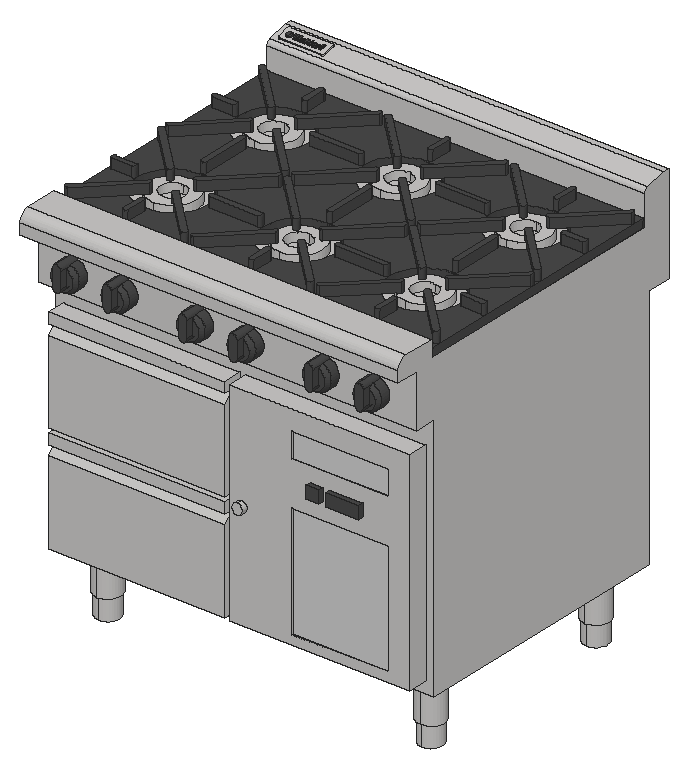
Revit family "QF_MOFFAT WALDORF_RNL8600G-RB", category Specialty Equipment, Revit 2012 (continued)
Automatic sketch dimensions
  curve 66 to curve 21 = 29.487 mm
  curve 73 to curve 27 = 29.708 mm
  curve 19 to curve 69 = 27.88 mm
  curve 28 to curve 75 = 27.88 mm
  curve 21 to curve 68 = 29.796 mm
  curve 30 to curve 74 = 29.796 mm
  curve 77 to plane 13 = 1.906 mm
  curve 71 to plane 13 = 1.906 mm
  plane 4 "RIGHT" to curve 69 = 8.983 mm
  plane 4 "RIGHT" to curve 75 = 8.983 mm
  plane 4 "RIGHT" to curve 68 = 7.067 mm
  plane 4 "RIGHT" to curve 74 = 7.067 mm
  plane 4 "RIGHT" to curve 71 = 4.536 mm
  plane 4 "RIGHT" to curve 77 = 4.536 mm
  curve 5 to plane 5 "FRONT" = 100.0 mm
  curve 52 to plane 5 "FRONT" = 121.703 mm
  curve 78 to plane 5 "FRONT" = 121.703 mm
  curve 65 to plane 5 "FRONT" = 121.703 mm
  curve 44 to curve 61 = 24.023 mm
  curve 47 to curve 61 = 0.0 mm
  curve 5 to curve 74 = 24.023 mm
  curve 5 to curve 46 = 25.084 mm
  curve 45 to curve 73 = 25.084 mm
  curve 60 to curve 73 = 0.0 mm
  curve 65 to curve 65 = 61.715 mm
  curve 78 to curve 28 = 61.715 mm
  curve 52 to curve 24 = 61.715 mm
  curve 27 to curve 29 = 27.082 mm
  curve 23 to curve 34 = 27.082 mm
  curve 25 to curve 31 = 27.082 mm
  curve 32 to curve 61 = 26.66 mm
  curve 33 to curve 47 = 26.66 mm
  curve 30 to curve 74 = 26.66 mm
  curve 29 to curve 73 = 27.721 mm
  curve 33 to curve 46 = 27.721 mm
  curve 31 to curve 60 = 27.721 mm
  curve 74 to curve 77 = 30.017 mm
  curve 46 to curve 51 = 28.957 mm
  curve 60 to curve 64 = 28.957 mm
  curve 60 to curve 26 = 29.279 mm
  curve 46 to curve 33 = 29.279 mm
  curve 73 to curve 28 = 29.279 mm
  curve 61 to curve 48 = 31.077 mm
  curve 28 to curve 75 = 27.778 mm
  curve 23 to curve 49 = 27.778 mm
  curve 25 to curve 62 = 27.778 mm
  curve 25 to curve 63 = 27.778 mm
  curve 23 to curve 50 = 27.778 mm
  curve 27 to curve 76 = 27.778 mm
  curve 24 to curve 42 = 4.009 mm
  curve 25 to curve 59 = 4.009 mm
  curve 27 to curve 72 = 4.009 mm
  plane 8 "Center X" to curve 75 = 5.915 mm
  plane 8 "Center X" to curve 76 = 9.451 mm
  plane 8 "Center X" to curve 50 = 9.451 mm
  curve 50 to curve 43 = 5.549 mm
  curve 76 to curve 70 = 11.098 mm
  curve 43 to curve 40 = 5.549 mm
  curve 57 to curve 70 = 0.0 mm
  curve 43 to curve 69 = 9.085 mm
  plane 8 "Center X" to curve 72 = 80.918 mm
  plane 8 "Center X" to curve 59 = 80.918 mm
  plane 8 "Center X" to curve 11 = 80.918 mm
  curve 11 to curve 14 = 27.082 mm
  curve 15 to curve 18 = 27.082 mm
  curve 19 to curve 21 = 27.082 mm
  curve 18 to curve 57 = 29.222 mm
  curve 22 to curve 69 = 29.222 mm
  curve 13 to curve 40 = 29.222 mm
  curve 17 to curve 56 = 29.222 mm
  curve 13 to curve 39 = 29.222 mm
  curve 21 to curve 70 = 29.222 mm
  curve 56 to curve 38 = 27.04 mm
  curve 70 to curve 21 = 27.778 mm
  curve 57 to curve 16 = 27.778 mm
  curve 40 to curve 11 = 27.778 mm
  curve 69 to curve 71 = 28.101 mm
  curve 57 to curve 58 = 28.101 mm
  curve 40 to curve 41 = 28.101 mm
  curve 53 to curve 17 = 27.721 mm
  curve 66 to curve 22 = 27.721 mm
  curve 35 to curve 14 = 27.721 mm
  curve 68 to curve 21 = 26.66 mm
  curve 55 to curve 17 = 26.66 mm
  curve 37 to curve 13 = 26.66 mm
  plane 1 "BACK" to curve 53 = 95.084 mm
  curve 53 to curve 66 = 0.0 mm
  plane 1 "BACK" to curve 35 = 95.084 mm
  plane 1 "BACK" to curve 68 = 94.023 mm
  plane 1 "BACK" to curve 55 = 94.023 mm
  curve 37 to curve 55 = 0.0 mm
  curve 15 to curve 54 = 62.576 mm
  curve 19 to curve 67 = 62.576 mm
  curve 11 to curve 36 = 62.577 mm
  curve 68 to curve 6 = 24.023 mm
  curve 36 to curve 8 = 38.782 mm
  plane 1 "BACK" to curve 9 = 21.784 mm
  Revolve 1 sketch curve to plane 5 "FRONT" = 56.0 mm
  Revolve 1 sketch curve to Revolve 1 sketch curve = 10.0 mm
  Revolve 1 sketch curve to Revolve 1 sketch curve = 21.3 mm
  Revolve 1 sketch curve to plane 5 "FRONT" = 23.0 mm
  Revolve 1 sketch curve to plane 5 "FRONT" = 12.0 mm
  Revolve 1 sketch curve to Revolve 1 sketch curve = 0.0 mm  (x2)
  plane 10 to Revolve 1 sketch curve = 117.895 mm
  Revolve 1 sketch curve to Revolve 1 sketch curve = 5.0 mm
  Revolve 1 sketch curve to Revolve 1 sketch curve = 26.651 mm
  Revolve 1 sketch curve to Revolve 1 sketch curve = 5.849 mm
  plane 12 to Extrusion 2 sketch curve = 135.0 mm
  Extrusion 2 sketch curve to Extrusion 2 sketch curve = 10.0 mm
  plane 10 to Extrusion 2 sketch curve = 129.997 mm
  Extrusion 2 sketch curve to Extrusion 2 sketch curve = 38.997 mm
  plane 1 "BACK" to Extrusion 3 sketch curve = 32.0 mm
  plane 13 to Extrusion 3 sketch curve = 65.0 mm
  Revolve 4 sketch curve to plane 5 "FRONT" = 12.0 mm
  Revolve 4 sketch curve to Revolve 4 sketch curve = 0.0 mm  (x2)
  Revolve 4 sketch curve to Revolve 4 sketch curve = 11.0 mm
  Revolve 4 sketch curve to Revolve 4 sketch curve = 12.7 mm
  Revolve 4 sketch curve to Revolve 4 sketch curve = 23.0 mm
  Revolve 4 sketch curve to Revolve 4 sketch curve = 10.0 mm
  plane 10 to Revolve 4 sketch curve = 85.627 mm
  Revolve 4 sketch curve to Revolve 4 sketch curve = 5.849 mm
  Revolve 4 sketch curve to Revolve 4 sketch curve = 27.5 mm
  Revolve 4 sketch curve to Revolve 4 sketch curve = 5.0 mm
  plane 12 to Extrusion 5 sketch curve = 35.0 mm
  Extrusion 5 sketch curve to Extrusion 5 sketch curve = 10.0 mm
  plane 10 to Extrusion 5 sketch curve = 91.0 mm
  Extrusion 5 sketch curve to Extrusion 5 sketch curve = 39.0 mm
  Extrusion 6 sketch curve to plane 7 "Center Y" = 0.0 mm  (x2)
  plane 4 "RIGHT" to Extrusion 6 sketch curve = 4.0 mm
  plane 1 "BACK" to Extrusion 6 sketch curve = 71.0 mm
  Extrusion 6 sketch curve to Extrusion 6 sketch curve = 3.0 mm  (x3)
  plane 8 "Center X" to Extrusion 6 sketch curve = 165.0 mm  (x3)
  Extrusion 6 sketch curve to plane 8 "Center X" = 135.0 mm  (x2)
  Extrusion 6 sketch curve to plane 5 "FRONT" = 104.0 mm  (x2)
  Extrusion 6 sketch curve to plane 11 = 84.2 mm  (x2)
  plane 13 to Extrusion 6 sketch curve = 85.0 mm  (x2)
  Extrusion 7 sketch curve to Extrusion 6 = 22.602 mm  (x6)
  Extrusion 7 sketch curve to Extrusion 6 = 25.398 mm  (x6)
  Extrusion 7 sketch curve to Extrusion 7 sketch curve = 4.525 mm  (x48)
  Extrusion 7 sketch curve to Extrusion 7 sketch curve = 49.204 mm  (x5)
  Extrusion 7 sketch curve to Extrusion 7 sketch curve = 55.923 mm  (x22)
  Extrusion 7 sketch curve to Extrusion 7 sketch curve = 0.0 mm  (x18)
  Extrusion 7 sketch curve to Extrusion 7 sketch curve = 20.524 mm  (x17)
  Extrusion 7 sketch curve to Extrusion 6 = 7.898 mm  (x4)
  Extrusion 7 sketch curve to Extrusion 7 sketch curve = 6.4 mm  (x17)
  Extrusion 7 sketch curve to Extrusion 7 sketch curve = 53.847 mm  (x24)
  Extrusion 7 sketch curve to Extrusion 6 = 5.102 mm  (x5)
  Extrusion 7 sketch curve to Extrusion 7 sketch curve = 128.447 mm  (x10)
  Extrusion 7 sketch curve to Extrusion 7 sketch curve = 12.205 mm  (x14)
  Extrusion 7 sketch curve to Extrusion 6 = 14.153 mm  (x3)
  Extrusion 7 sketch curve to Extrusion 7 sketch curve = 116.204 mm  (x7)
  Extrusion 7 sketch curve to Extrusion 6 = 31.653 mm  (x4)
  Extrusion 7 sketch curve to Extrusion 6 = 57.102 mm  (x2)
  Revolve 8 sketch curve to plane 5 "FRONT" = 56.0 mm
  Revolve 8 sketch curve to Revolve 8 sketch curve = 10.0 mm
  Revolve 8 sketch curve to Revolve 8 sketch curve = 21.3 mm
  Revolve 8 sketch curve to plane 5 "FRONT" = 23.0 mm
  Revolve 8 sketch curve to plane 5 "FRONT" = 12.0 mm
  Revolve 8 sketch curve to Revolve 8 sketch curve = 0.0 mm  (x2)
  plane 10 to Revolve 8 sketch curve = 117.895 mm
  Revolve 8 sketch curve to Revolve 8 sketch curve = 5.0 mm
  Revolve 8 sketch curve to Revolve 8 sketch curve = 26.651 mm
  Revolve 8 sketch curve to Revolve 8 sketch curve = 5.849 mm
  plane 7 "Center Y" to Extrusion 9 sketch curve = 50.0 mm
  Extrusion 9 sketch curve to Extrusion 9 sketch curve = 10.0 mm
  plane 10 to Extrusion 9 sketch curve = 129.997 mm
  Extrusion 9 sketch curve to Extrusion 9 sketch curve = 38.997 mm
  Revolve 10 sketch curve to plane 5 "FRONT" = 12.0 mm
  Revolve 10 sketch curve to Revolve 10 sketch curve = 0.0 mm  (x2)
  Revolve 10 sketch curve to Revolve 10 sketch curve = 11.0 mm
  Revolve 10 sketch curve to Revolve 10 sketch curve = 12.7 mm
  Revolve 10 sketch curve to Revolve 10 sketch curve = 23.0 mm
  Revolve 10 sketch curve to Revolve 10 sketch curve = 10.0 mm
  plane 10 to Revolve 10 sketch curve = 85.627 mm
  Revolve 10 sketch curve to Revolve 10 sketch curve = 5.849 mm
  Revolve 10 sketch curve to Revolve 10 sketch curve = 27.5 mm
  Revolve 10 sketch curve to Revolve 10 sketch curve = 5.0 mm
  Extrusion 11 sketch curve to plane 7 "Center Y" = 50.0 mm
  Extrusion 11 sketch curve to Extrusion 11 sketch curve = 10.0 mm
  plane 10 to Extrusion 11 sketch curve = 91.0 mm
  Extrusion 11 sketch curve to Extrusion 11 sketch curve = 39.0 mm
  Revolve 12 sketch curve to Revolve 12 sketch curve = 12.7 mm
  Revolve 12 sketch curve to Revolve 12 sketch curve = 21.3 mm
  Revolve 12 sketch curve to Revolve 12 sketch curve = 10.0 mm
  Revolve 12 sketch curve to Revolve 12 sketch curve = 0.0 mm  (x2)
  plane 10 to Revolve 12 sketch curve = 117.895 mm
  Revolve 12 sketch curve to Revolve 12 sketch curve = 5.0 mm
  Revolve 12 sketch curve to Revolve 12 sketch curve = 26.651 mm
  Revolve 12 sketch curve to Revolve 12 sketch curve = 5.849 mm
  plane 13 to Extrusion 13 sketch curve = 35.0 mm
  Extrusion 13 sketch curve to Extrusion 13 sketch curve = 10.0 mm
  plane 10 to Extrusion 13 sketch curve = 129.997 mm
  Extrusion 13 sketch curve to Extrusion 13 sketch curve = 38.997 mm
  Revolve 14 sketch curve to plane 5 "FRONT" = 12.0 mm
  Revolve 14 sketch curve to Revolve 14 sketch curve = 0.0 mm  (x2)
  Revolve 14 sketch curve to Revolve 14 sketch curve = 11.0 mm
  Revolve 14 sketch curve to Revolve 14 sketch curve = 12.7 mm
  Revolve 14 sketch curve to Revolve 14 sketch curve = 23.0 mm
  Revolve 14 sketch curve to Revolve 14 sketch curve = 10.0 mm
  plane 10 to Revolve 14 sketch curve = 85.627 mm
  Revolve 14 sketch curve to Revolve 14 sketch curve = 5.849 mm
  Revolve 14 sketch curve to Revolve 14 sketch curve = 27.5 mm
  Revolve 14 sketch curve to Revolve 14 sketch curve = 5.0 mm
  plane 15 to Extrusion 15 sketch curve = 83.5 mm
  Extrusion 15 sketch curve to Extrusion 15 sketch curve = 10.0 mm
  plane 10 to Extrusion 15 sketch curve = 91.0 mm
  Extrusion 15 sketch curve to Extrusion 15 sketch curve = 39.0 mm
  Revolve 16 sketch curve to plane 9 "Base Height" = 0.0 mm
  Revolve 16 sketch curve to level = 0.0 mm
  level to Revolve 16 sketch curve = 50.0 mm
  plane 1 "BACK" to Revolve 16 sketch curve = 166.75 mm
  Revolve 16 sketch curve to Revolve 16 sketch curve = 4.25 mm
  Revolve 16 sketch curve to Revolve 16 sketch curve = 27.5 mm  (x2)
  Revolve 16 sketch curve to Revolve 16 sketch curve = 55.0 mm
  Revolve 16 sketch curve to Revolve 16 sketch curve = 0.0 mm
  Revolve 17 sketch curve to plane 9 "Base Height" = 0.0 mm
  Revolve 17 sketch curve to level = 0.0 mm
  level to Revolve 17 sketch curve = 50.0 mm
  Revolve 17 sketch curve to plane 5 "FRONT" = 148.25 mm
  Revolve 17 sketch curve to Revolve 17 sketch curve = 4.25 mm
  Revolve 17 sketch curve to Revolve 17 sketch curve = 27.5 mm  (x2)
  Revolve 17 sketch curve to Revolve 17 sketch curve = 55.0 mm
  Revolve 17 sketch curve to Revolve 17 sketch curve = 0.0 mm
  Revolve 18 sketch curve to plane 9 "Base Height" = 0.0 mm
  Revolve 18 sketch curve to level = 0.0 mm
  level to Revolve 18 sketch curve = 50.0 mm
  plane 1 "BACK" to Revolve 18 sketch curve = 166.75 mm
  Revolve 18 sketch curve to Revolve 18 sketch curve = 4.25 mm
  Revolve 18 sketch curve to Revolve 18 sketch curve = 27.5 mm  (x2)
  Revolve 18 sketch curve to Revolve 18 sketch curve = 0.0 mm
  Revolve 18 sketch curve to Revolve 18 sketch curve = 55.0 mm
  Revolve 19 sketch curve to plane 9 "Base Height" = 0.0 mm
  Revolve 19 sketch curve to level = 0.0 mm
  level to Revolve 19 sketch curve = 50.0 mm
  Revolve 19 sketch curve to plane 5 "FRONT" = 148.25 mm
  Revolve 19 sketch curve to Revolve 19 sketch curve = 4.25 mm
  Revolve 19 sketch curve to Revolve 19 sketch curve = 27.5 mm  (x2)
  Revolve 19 sketch curve to Revolve 19 sketch curve = 0.0 mm
  Revolve 19 sketch curve to Revolve 19 sketch curve = 55.0 mm
  Extrusion 20 sketch curve to plane 5 "FRONT" = 0.0 mm
  plane 10 to Extrusion 20 sketch curve = 0.0 mm
  Extrusion 20 sketch curve to plane 9 "Base Height" = 0.0 mm
  Extrusion 20 sketch curve to plane 6 "TOP" = 0.0 mm
  Extrusion 20 sketch curve to plane 1 "BACK" = 0.0 mm
  Extrusion 20 sketch curve to plane 5 "FRONT" = 24.0 mm
  Extrusion 20 sketch curve to plane 5 "FRONT" = 56.0 mm
  Extrusion 20 sketch curve to Extrusion 20 sketch curve = 44.0 mm
  Extrusion 20 sketch curve to plane 5 "FRONT" = 106.0 mm
  plane 1 "BACK" to Extrusion 20 sketch curve = 70.0 mm
  plane 1 "BACK" to Extrusion 20 sketch curve = 59.0 mm
  Extrusion 20 sketch curve to Extrusion 20 sketch curve = 8.894 mm
  Extrusion 20 sketch curve to plane 10 = 31.055 mm
  Extrusion 20 sketch curve to Extrusion 20 sketch curve = 12.0 mm
  plane 1 "BACK" to Extrusion 20 sketch curve = 15.0 mm
  Extrusion 20 sketch curve to Extrusion 20 sketch curve = 151.0 mm
  plane 10 to Extrusion 20 sketch curve = 180.0 mm
  Extrusion 20 sketch curve to Extrusion 20 sketch curve = 25.0 mm
  plane 10 to Extrusion 20 sketch curve = 40.0 mm
  plane 15 to curve 125 = 89.803 mm
  curve 125 to curve 126 = 20.0 mm
  curve 123 to curve 121 = 30.0 mm
  plane 15 to curve 122 = 19.803 mm
  curve 117 to plane 15 = 10.197 mm
  curve 117 to curve 115 = 20.0 mm
  curve 115 to curve 113 = 30.0 mm
  curve 113 to curve 114 = 20.0 mm
  curve 111 to curve 109 = 30.0 mm
  curve 109 to curve 110 = 20.0 mm
  plane 7 "Center Y" to curve 104 = 6.303 mm
  curve 103 to plane 7 "Center Y" = 13.697 mm
  curve 103 to curve 101 = 31.984 mm
  curve 101 to curve 102 = 20.0 mm
  curve 99 to curve 98 = 30.0 mm
  curve 97 to curve 98 = 20.0 mm
  curve 95 to curve 94 = 25.0 mm
  curve 93 to curve 94 = 20.0 mm
  curve 91 to curve 90 = 27.331 mm
  curve 89 to curve 90 = 20.0 mm
  curve 87 to curve 86 = 25.0 mm
  curve 85 to curve 86 = 20.0 mm
  curve 83 to curve 82 = 30.0 mm
  curve 79 to curve 81 = 20.0 mm
  plane 1 "BACK" to curve 79 = 50.635 mm
  plane 1 "BACK" to curve 125 = 50.635 mm
  curve 122 to curve 123 = 0.0 mm
  curve 79 to curve 83 = 0.0 mm
  curve 118 to curve 119 = 0.0 mm
  curve 85 to curve 87 = 0.0 mm
  curve 88 to curve 91 = 0.0 mm
  curve 113 to curve 115 = 0.0 mm
  curve 110 to curve 111 = 0.0 mm
  curve 92 to curve 95 = 0.0 mm
  curve 106 to curve 107 = 0.0 mm
  curve 96 to curve 99 = 0.0 mm
  plane 1 "BACK" to curve 102 = 20.837 mm
  plane 1 "BACK" to curve 103 = 20.837 mm
  plane 1 "BACK" to curve 98 = 20.837 mm
  plane 1 "BACK" to curve 107 = 20.837 mm
  plane 1 "BACK" to curve 94 = 20.837 mm
  plane 1 "BACK" to curve 111 = 20.837 mm
  plane 1 "BACK" to curve 90 = 20.837 mm
  plane 1 "BACK" to curve 115 = 20.837 mm
  plane 1 "BACK" to curve 119 = 20.837 mm
  plane 1 "BACK" to curve 85 = 20.837 mm
  plane 1 "BACK" to curve 82 = 20.837 mm
  plane 1 "BACK" to curve 123 = 20.837 mm
  Extrusion 20 to Extrusion 21 sketch curve = 59.5 mm
  Extrusion 20 to Extrusion 21 sketch curve = 107.0 mm
  Extrusion 21 sketch curve to Extrusion 21 sketch curve = 60.0 mm
  Extrusion 21 sketch curve to Extrusion 21 sketch curve = 104.0 mm
  Extrusion 20 to Extrusion 21 sketch curve = 49.0 mm
  Extrusion 20 to Extrusion 21 sketch curve = 26.5 mm
  Extrusion 20 to Extrusion 21 sketch curve = 447.0 mm
  Extrusion 21 sketch curve to Extrusion 21 sketch curve = 148.0 mm
  Extrusion 21 sketch curve to Extrusion 21 sketch curve = 0.0 mm
  Extrusion 20 to Extrusion 21 sketch curve = 69.0 mm  (x2)
  Extrusion 20 to Extrusion 21 sketch curve = 19.0 mm
  Extrusion 22 sketch curve to Extrusion 21 = 34.46 mm  (x2)
  Extrusion 22 sketch curve to Extrusion 22 sketch curve = 30.0 mm  (x2)
  Extrusion 22 sketch curve to Extrusion 22 sketch curve = 0.0 mm
  Extrusion 21 to Extrusion 22 sketch curve = 43.926 mm
  Extrusion 22 sketch curve to Extrusion 22 sketch curve = 17.577 mm
  Extrusion 21 to Extrusion 22 sketch curve = 60.185 mm
  Extrusion 21 to Extrusion 23 sketch curve = 39.229 mm
  Extrusion 23 sketch curve to Extrusion 21 = 27.856 mm
  Extrusion 24 sketch curve to Extrusion 21 = 0.0 mm  (x6)
  Extrusion 21 to Extrusion 24 sketch curve = 0.0 mm  (x2)
  Extrusion 20 to Extrusion 25 sketch curve = 252.0 mm
  Extrusion 20 to Extrusion 25 sketch curve = 283.5 mm
  Extrusion 20 to Split face 1 sketch curve = 5.571 mm
  Split face 1 sketch curve to Extrusion 20 = 9.421 mm
  Split face 1 sketch curve to Extrusion 20 = 146.988 mm
  Split face 1 sketch curve to Split face 1 sketch curve = 20.0 mm
  Extrusion 20 to Split face 2 sketch curve = 5.571 mm
  Split face 2 sketch curve to Extrusion 20 = 9.421 mm
  Split face 2 sketch curve to Extrusion 20 = 196.988 mm
  Split face 2 sketch curve to Split face 2 sketch curve = 20.0 mm
  Extrusion 20 to Split face 3 sketch curve = 5.571 mm
  Split face 3 sketch curve to Extrusion 20 = 9.421 mm
  Split face 3 sketch curve to Extrusion 20 = 241.988 mm
  Split face 3 sketch curve to Split face 3 sketch curve = 20.0 mm
  Extrusion 20 to Split face 4 sketch curve = 5.571 mm
  Split face 4 sketch curve to Extrusion 20 = 9.421 mm
  Split face 4 sketch curve to Extrusion 20 = 289.2 mm
  Split face 4 sketch curve to Split face 4 sketch curve = 20.0 mm
  Extrusion 20 to Split face 5 sketch curve = 5.571 mm
  Split face 5 sketch curve to Extrusion 20 = 9.421 mm
  Split face 5 sketch curve to Extrusion 20 = 334.2 mm
  Split face 5 sketch curve to Split face 5 sketch curve = 20.0 mm
  Extrusion 20 to Split face 6 sketch curve = 5.571 mm
  Split face 6 sketch curve to Extrusion 20 = 9.421 mm
  Split face 6 sketch curve to Extrusion 20 = 384.2 mm
  Split face 6 sketch curve to Split face 6 sketch curve = 20.0 mm
  Extrusion 20 to Split face 7 sketch curve = 5.571 mm
  Split face 7 sketch curve to Extrusion 20 = 9.421 mm
  Split face 7 sketch curve to Extrusion 20 = 435.901 mm
  Split face 7 sketch curve to Split face 7 sketch curve = 20.0 mm
  Extrusion 20 to Split face 8 sketch curve = 5.571 mm
  Split face 8 sketch curve to Extrusion 20 = 9.421 mm
  Split face 8 sketch curve to Extrusion 20 = 414.099 mm
  Split face 8 sketch curve to Split face 8 sketch curve = 20.0 mm
  Extrusion 20 to Split face 9 sketch curve = 5.571 mm
  Split face 9 sketch curve to Extrusion 20 = 9.421 mm
  Split face 9 sketch curve to Extrusion 20 = 364.099 mm
  Split face 9 sketch curve to Split face 9 sketch curve = 20.0 mm
  Extrusion 20 to Split face 10 sketch curve = 5.571 mm
  Split face 10 sketch curve to Extrusion 20 = 9.421 mm
  Split face 10 sketch curve to Extrusion 20 = 314.099 mm
  Split face 10 sketch curve to Split face 10 sketch curve = 20.0 mm
  Extrusion 20 to Split face 11 sketch curve = 5.571 mm
  Split face 11 sketch curve to Extrusion 20 = 9.421 mm
  Split face 11 sketch curve to Extrusion 20 = 264.099 mm
  Split face 11 sketch curve to Split face 11 sketch curve = 20.0 mm
  Extrusion 20 to Split face 12 sketch curve = 5.571 mm
  Split face 12 sketch curve to Extrusion 20 = 9.421 mm
  Split face 12 sketch curve to Extrusion 20 = 212.954 mm
  Split face 12 sketch curve to Split face 12 sketch curve = 20.0 mm
  plane 16 to Extrusion 6 sketch curve = 87.5 mm
  Extrusion 26 sketch curve to Extrusion 26 sketch curve = 0.0 mm  (x73)
  Extrusion 20 to Extrusion 26 sketch curve = 110.5 mm  (x3)
  Extrusion 26 sketch curve to Extrusion 26 sketch curve = 27.0 mm  (x6)
  Extrusion 26 sketch curve to Extrusion 26 sketch curve = 30.0 mm  (x6)
  Extrusion 26 sketch curve to Extrusion 26 sketch curve = 186.0 mm  (x3)
  Extrusion 20 to Extrusion 26 sketch curve = 150.0 mm  (x4)
  Extrusion 26 sketch curve to Extrusion 26 sketch curve = 300.0 mm
  curve 11 to curve 128 = 0.402 mm
  curve 13 to curve 127 = 27.0 mm
  curve 11 to curve 128 = 0.0 mm
  curve 15 to curve 129 = 0.0 mm  (x2)
  curve 17 to curve 129 = 27.0 mm
  curve 19 to curve 131 = 0.221 mm
  curve 21 to curve 131 = 27.0 mm
  curve 19 to curve 131 = 0.0 mm
  curve 27 to curve 133 = 0.0 mm  (x2)
  curve 29 to curve 134 = 27.0 mm
  curve 25 to curve 135 = 0.0 mm  (x2)
  curve 31 to curve 135 = 27.0 mm
  curve 137 to curve 138 = 0.0 mm  (x2)
  curve 33 to curve 138 = 0.083 mm
  curve 33 to curve 137 = 27.0 mm
  curve 23 to curve 138 = 0.0 mm
  radius of Extrusion 3 sketch curve = 13.5 mm
  radius of Extrusion 6 sketch curve = 84.082 mm  (x6)
  radius of Extrusion 23 sketch curve = 12.395 mm
  radius of Extrusion 25 sketch curve = 5.0 mm
Nested families
  nested 1: "RNL8600G-RB-CASTERS" at (65, -135, 0), Show Casters <- "Show Casters", visible <- "Show Casters", type "RNL8600G-RB-CASTERS"
    with Type Mark "", Status "", Specification by User "", Show Casters no, Revision Code "", Item Number "", Installed By "", Identify Quantity as Lot yes, Furnished By "", Foodservice Equipment Identifier yes
  nested 2: "RNL8600G-RB-CASTERS" at (835, -135, 0), Show Casters <- "Show Casters", visible <- "Show Casters", type "RNL8600G-RB-CASTERS"
    with Type Mark "", Status "", Specification by User "", Show Casters no, Revision Code "", Item Number "", Installed By "", Identify Quantity as Lot yes, Furnished By "", Foodservice Equipment Identifier yes
  nested 3: "RNL8600G-RB-DOOR AND DRAWER" at (19, -699, 176.5), Show Door <- "Show Door", Show Drawer <- "Drawer", Drawer Clearance <- "Drawer Clearance", Door Clearance <- "Door Clearance", type "RNL8600G-RB-DOOR AND DRAWER"
    with Type Mark "", Status "", Specification by User "", Show Drawer yes, Show Door no, Revision Code "", Item Number "", Installed By "", Identify Quantity as Lot yes, Furnished By "", Foodservice Equipment Identifier yes, Drawer Clearance yes, Door Clearance no
  nested 4: "WALDORF LOGO_FACE BASE" at (12.35, -21.166, 968.348) x (1, 0, 0) z (0, -0.2588, 0.9659), visible <- "Show Logo", type "WALDORF LOGO_FACE BASE", detail levels medium+fine
    with Show Logo yes
Connectors
  piping at (770, -32, 655)
    settings: on Extrusion 3, index 3, connector radius 0.37402", flow factor 0, pipe flow 0 GPM, pressure drop 0.00 psi, fitting loss kfactor 0, connector angle 0.00°, fixture units 0, engagement length 0.0 mm, flow configuration 1, flow direction 1, fitting loss method 0, system type 7, joint type 0, gender type 0, connector reference index -1, connector utility 0, adjustable connector no, is connector primary yes, fitting loss table "", connector description "GAS CONNECTION"
  electrical at (616.5, -57.1, 402), driven by "Volts", driven by "Watts"
    settings: on Extrusion 25, index 4, voltage 240 V, apparent load 250 VA, apparent load phase1 0 VA, apparent load phase2 0 VA, apparent load phase3 0 VA, power factor 1, load classification "Other", number of poles 1, system type 30, power factor state 1, is connector primary yes, connector utility no, sub classification motor no, connector description "ELECTRICAL CONNECTION"
Definition of nested family "RNL8600G-RB-DOOR AND DRAWER"
  Parameters (values of type "GP8900G-RB-DOOR AND DRAWER")
    Weight in Pounds = 0
    URL Cutsheet = ""
    URL = ""
    Type Mark [instance] = ""
    Status [instance] = ""
    Specification by User [instance] = ""
    Specification by Manufacturer = ""
    Show Door [instance] = yes
    Serial Number = ""
    Seismic Rating = ""
    SMACNA No = ""
    Revision Code [instance] = ""
    Omniclass Number and Title = ""
    NAFEM Spec ID Number = ""
    Model = ""
    Masterspec = ""
    Manufacturer = ""
    Item Number [instance] = ""
    Installed By [instance] = ""
    Identify Quantity as Lot [instance] = yes
    Furnished By [instance] = ""
    Foodservice Equipment Identifier [instance] = yes
    Show Drawer [instance] = yes
    Drawer Clearance [instance] = yes
    Door Clearance [instance] = yes
    Description = ""
    CSI MasterFormat = ""
    CSI Master Format = ""
  Reference planes
    plane 1 "BACK": y = 0
    plane 2: z = 0
    plane 3 "LEFT": x = 0
    plane 4 "RIGHT": x = 420
    plane 5 "FRONT": y = -464.82
    plane 6 "TOP": z = 504
    plane 7 "Center Y": x = 210
    plane 8 "Center X": y = -232.41
    plane 9: x = 420
  Forms (mm)
    Extrusion 1, solid, material "QF_Finishes_Stainless Steel", visible <- "Show Drawer"
      sketch origin (-19, 702.18, -174) x (0, 1, 0) y (0, 0, 1)
        loop
          line (-747, 678) -> (-747, 653) -> (-722, 653) -> (-747, 628) -> (-747, 431) -> (-702.18, 431) -> (-702.18, 678) -> (-747, 678)
        loop
          line (-747, 421) -> (-747, 396) -> (-722, 396) -> (-747, 371) -> (-747, 174) -> (-702.18, 174) -> (-702.18, 421) -> (-747, 421)
      from 19 to 439
    Extrusion 2, solid, material "QF_Door-Drawer Clearances", visible <- "Drawer Clearance", detail levels coarse
      sketch origin (-19, -44.82, 257) x (0, 0, 1) y (-1, 0, 0)
        loop
          line (-257, -19) -> (-257, -439) -> (-10, -439) -> (-10, -19) -> (-257, -19)
        loop
          line (0, -19) -> (0, -439) -> (247, -439) -> (247, -19) -> (0, -19)
      from 0 to 304.8
    Extrusion 3, solid, material "QF_Finishes_Stainless Steel", visible <- "Show Door"
      sketch origin (-19, 702.18, -174) x (0, 1, 0) y (0, 0, 1)
        loop
          line (-748.15, 675.55) -> (-748.15, 658) -> (-723.95, 658) -> (-723.95, 648.15)
          arc (-723.95, 648.15) -> (-740.921, 641.121) -> (-747.95, 624.15) r 24
          line (-747.95, 624.15) -> (-747.95, 198)
          arc (-747.95, 198) -> (-740.921, 181.029) -> (-723.95, 174) r 24
          line (-723.95, 174) -> (-705.2, 174) -> (-705.2, 678) -> (-745.7, 678)
          arc (-745.7, 678) -> (-747.432, 677.282) -> (-748.15, 675.55) r 2.45
      from 19 to 439
    Extrusion 4, solid, material "QF_Door-Drawer Clearances", visible <- "Door Clearance", detail levels coarse
      sketch origin (-19, -8.47, 0) x (-1, 0, 0) y (0, 1, 0)
        loop
          line (-19, -36.35) -> (-439, -36.35)
          arc (-439, -36.35) -> (-315.985, -333.335) -> (-19, -456.35) r 420
          line (-19, -456.35) -> (-19, -36.35)
      from 0 to -504
  Lines and regions (mm)
    symbolic lines, style "QF_Door-Drawer Clearances", visible <- "Drawer Clearance"
      curve 1: line (0, -102.82, 150) -> (0, -349.62, 150)
      curve 2: line (420, -349.62, 150) -> (420, -104.62, 150)
      curve 5: line (0, -349.62, 0) -> (420, -349.62, 0)
    symbolic lines, style "QF_Door-Drawer Clearances", visible <- "Door Clearance"
      curve 3: line (58, -102.82, 150) -> (296.985, -341.805, 150)
      curve 4: arc (416.229, -100.977, 150) -> (376.388, -231.185, 150) -> (296.985, -341.805, 150) r 420
  Dimensions and locks
    equal spacing: plane 3 "LEFT", plane 7 "Center Y", plane 4 "RIGHT"
    plane 3 "LEFT" to plane 4 "RIGHT" = 420.0 mm
    equal spacing: plane 5 "FRONT", plane 8 "Center X", plane 1 "BACK"
    plane 5 "FRONT" to plane 1 "BACK" = 464.82 mm
    plane 6 "TOP" to level = 504.0 mm
    aligned and locked: level to plane 2
  Automatic sketch dimensions
    curve 4 to plane 3 "LEFT" = 0.0 mm
    curve 1 to plane 3 "LEFT" = 0.0 mm
    plane 4 "RIGHT" to curve 4 = 3.771 mm
    plane 7 "Center Y" to curve 3 = 86.985 mm
    curve 3 to curve 1 = 58.0 mm
    plane 1 "BACK" to curve 4 = 44.82 mm
    plane 1 "BACK" to curve 4 = 100.977 mm
    curve 4 to curve 3 = 58.0 mm
    curve 1 to curve 3 = 0.0 mm
    curve 4 to curve 2 = 3.643 mm
    Extrusion 1 sketch curve to level = 0.0 mm
    Extrusion 1 sketch curve to plane 1 "BACK" = 0.0 mm  (x2)
    plane 1 "BACK" to Extrusion 1 sketch curve = 19.82 mm  (x2)
    Extrusion 1 sketch curve to Extrusion 1 sketch curve = 25.0 mm  (x6)
    Extrusion 1 sketch curve to Extrusion 1 sketch curve = 0.0 mm
    Extrusion 1 sketch curve to Extrusion 1 sketch curve = 44.82 mm
    level to Extrusion 1 sketch curve = 197.0 mm
    Extrusion 1 sketch curve to Extrusion 1 sketch curve = 10.0 mm
    Extrusion 1 sketch curve to Extrusion 1 sketch curve = 197.0 mm
    Extrusion 1 to Extrusion 2 sketch curve = 0.0 mm  (x4)
    Extrusion 2 sketch curve to Extrusion 1 = 0.0 mm
    Extrusion 1 to Extrusion 2 sketch curve = 222.0 mm
    Extrusion 2 sketch curve to Extrusion 2 sketch curve = 10.0 mm
    Extrusion 2 sketch curve to Extrusion 2 sketch curve = 247.0 mm
    Extrusion 3 sketch curve to level = 0.0 mm
    plane 1 "BACK" to Extrusion 3 sketch curve = 45.97 mm
    Extrusion 3 sketch curve to Extrusion 3 sketch curve = 0.2 mm
    Extrusion 3 sketch curve to Extrusion 3 sketch curve = 2.45 mm
    plane 1 "BACK" to Extrusion 3 sketch curve = 21.77 mm  (x2)
    plane 1 "BACK" to Extrusion 3 sketch curve = 3.02 mm
    Extrusion 3 sketch curve to Extrusion 3 sketch curve = 426.15 mm
    Extrusion 3 sketch curve to Extrusion 3 sketch curve = 9.85 mm
    Extrusion 3 sketch curve to Extrusion 3 sketch curve = 17.55 mm
    Extrusion 4 sketch curve to Extrusion 3 = 0.0 mm  (x2)
    Extrusion 3 to Extrusion 4 sketch curve = 23.05 mm
    curve 2 to plane 4 "RIGHT" = 0.0 mm
    curve 1 to plane 5 "FRONT" = 115.2 mm
    curve 2 to plane 5 "FRONT" = 115.2 mm
Definition of nested family "WALDORF LOGO_FACE BASE"
  Parameters (values of type "WALDORF LOGO_FACE BASE")
    Show Logo [instance] = yes
    Default Elevation = 1219.2 mm
  Reference planes
    plane 1 "Center (Front/Back)": y = 0
    plane 2: z = 0
    plane 3 "Center (Left/Right)": x = 0
  Forms (mm)
    Extrusion 1, solid
      sketch origin (0, 0, 0) x (1, 0, 0) y (0, 1, 0)
        loop
          line (-1219.2, 1219.2) -> (-1219.2, -1219.2) -> (1219.2, -1219.2) -> (1219.2, 1219.2) -> (-1219.2, 1219.2)
      from 0 to -304.8
    Extrusion 2, solid, material "QF_Finishes_Stainless Steel", visible <- "Show Logo"
      sketch origin (0, -33.217, 0) x (1, 0, 0) y (0, 1, 0)
        loop
          arc (5, 34.14) -> (1.464, 32.676) -> (0, 29.14) r 5
          line (0, 29.14) -> (0, 5)
          arc (0, 5) -> (1.464, 1.464) -> (5, 0) r 5
          line (5, 0) -> (104, 0)
          arc (104, 0) -> (107.536, 1.464) -> (109, 5) r 5
          line (109, 5) -> (109, 29.14)
          arc (109, 29.14) -> (107.536, 32.676) -> (104, 34.14) r 5
          line (104, 34.14) -> (5, 34.14)
      from 0 to 1.588
    Extrusion 3, solid, material "QF_Finishes_Black", visible <- "Show Logo"
      sketch origin (0, -33.217, 1.588) x (1, 0, 0) y (0, 1, 0)
        loop
          line (24.772, 23.214) -> (27.992, 10.301) -> (31.551, 10.301) -> (33.443, 17.364) -> (35.205, 10.301) -> (39.332, 10.301) -> (42.077, 23.214) -> (38.352, 23.214) -> (36.676, 15.33) -> (35, 23.214) -> (31.752, 23.214) -> (30.076, 15.33) -> (28.4, 23.214) -> (24.772, 23.214)
        loop
          line (42.272, 17.055) -> (45.703, 17.055)
          spline (45.703, 17.055) -> (45.741, 17.285) -> (45.852, 17.499) -> (46.028, 17.682) -> (46.258, 17.823) -> (46.526, 17.912) -> (46.813, 17.942) -> (47.1, 17.912) -> (47.368, 17.823) -> (47.597, 17.682) -> (47.774, 17.499) -> (47.884, 17.285) -> (47.922, 17.055)
          line (47.922, 17.055) -> (47.922, 16.222)
          arc (47.922, 16.222) -> (45.742, 16.014) -> (43.665, 15.317) r 9.604
          arc (43.665, 15.317) -> (41.924, 12.809) -> (43.665, 10.301) r 2.677
          arc (43.665, 10.301) -> (45.527, 10.353) -> (47.332, 10.816) r 8.365
          line (47.332, 10.816) -> (48.092, 11.105) -> (48.092, 10.301) -> (51.817, 10.301) -> (51.817, 17.055)
          spline (51.817, 17.055) -> (51.654, 17.821) -> (51.178, 18.535) -> (50.419, 19.148) -> (49.431, 19.619) -> (48.28, 19.914) -> (47.044, 20.015) -> (45.809, 19.914) -> (44.658, 19.619) -> (43.67, 19.148) -> (42.911, 18.535) -> (42.434, 17.821) -> (42.272, 17.055)
        loop
          line (53.151, 23.214) -> (53.151, 10.301) -> (57.37, 10.301) -> (57.37, 23.214) -> (53.151, 23.214)
        loop
          line (64.874, 23.214) -> (64.874, 18.857)
          arc (64.874, 18.857) -> (58.083, 15.11) -> (64.874, 11.363) r 4.429
          line (64.874, 11.363) -> (64.874, 10.301) -> (68.378, 10.301) -> (68.378, 23.214) -> (64.874, 23.214)
        loop
          arc (64.874, 16.083) -> (61.41, 14.987) -> (64.874, 13.891) r 1.905
          line (64.874, 13.891) -> (64.874, 16.083)
        loop
          circle (74.623, 15.223) r 5
        loop
          spline (74.623, 17.856) -> (74.355, 17.766) -> (74.105, 17.503) -> (73.891, 17.084) -> (73.726, 16.539) -> (73.623, 15.904) -> (73.588, 15.223) -> (73.623, 14.541) -> (73.726, 13.906) -> (73.891, 13.361) -> (74.105, 12.942) -> (74.355, 12.679) -> (74.623, 12.59)
          spline (74.623, 12.59) -> (74.891, 12.679) -> (75.141, 12.942) -> (75.355, 13.361) -> (75.52, 13.906) -> (75.623, 14.541) -> (75.659, 15.223) -> (75.623, 15.904) -> (75.52, 16.539) -> (75.355, 17.084) -> (75.141, 17.503) -> (74.891, 17.766) -> (74.623, 17.856)
        loop
          line (81.255, 19.813) -> (81.255, 10.301) -> (84.834, 10.301) -> (84.834, 14.176)
          arc (84.834, 14.176) -> (85.854, 16.093) -> (88.013, 16.32) r 2.313
          line (88.013, 16.32) -> (88.013, 19.813) -> (87.161, 19.813)
          arc (87.161, 19.813) -> (85.526, 19.266) -> (84.549, 17.844) r 2.717
          line (84.549, 17.844) -> (84.549, 19.813) -> (81.255, 19.813)
        loop
          line (90.249, 19.813) -> (88.91, 19.813) -> (88.91, 17.614) -> (90.249, 17.614) -> (90.249, 10.301) -> (93.998, 10.301) -> (93.998, 17.614) -> (95.418, 17.614) -> (95.418, 19.813) -> (93.998, 19.813)
          arc (93.998, 19.813) -> (94.414, 20.817) -> (95.418, 21.233) r 1.42
          line (95.418, 21.233) -> (95.418, 23.602) -> (93.317, 23.602)
          arc (93.317, 23.602) -> (91.343, 22.903) -> (90.249, 21.118) r 3.137
          line (90.249, 21.118) -> (90.249, 19.813)
        loop
          arc (15.241, 23.571) -> (8.392, 16.525) -> (15.241, 9.479) r 7.049
          line (15.241, 9.479) -> (15.241, 23.571)
        loop
          line (15.641, 23.571) -> (15.641, 9.479)
          arc (15.641, 9.479) -> (22.49, 16.525) -> (15.641, 23.571) r 7.049
        loop
          arc (47.922, 14.711) -> (46.266, 13.749) -> (47.922, 12.787) r 1.107
          line (47.922, 12.787) -> (47.922, 14.711)
      from 0 to 0.2
  Dimensions and locks
    aligned and locked: plane 2 to Extrusion 1
    aligned and locked: level to Extrusion 1
Definition of nested family "RNL8600G-RB-CASTERS"
  Parameters (values of type "BTL8450-CB-CASTERS")
    Weight = ""
    URL Manufacturer = ""
    URL Cutsheet = ""
    URL = ""
    Type Mark [instance] = ""
    Status [instance] = ""
    Specification by User [instance] = ""
    Specification by Manufacturer = ""
    Show Casters [instance] = no
    Serial Number = ""
    Seismic Rating = ""
    SMACNA No = ""
    Revision Code [instance] = ""
    Omniclass Number and Title = ""
    NAFEM Spec ID Number = ""
    Model = ""
    MasterSpec. = ""
    Manufacturer = ""
    Item Number [instance] = ""
    Installed By [instance] = ""
    Identify Quantity as Lot [instance] = yes
    Furnished By [instance] = ""
    Foodservice Equipment Identifier [instance] = yes
    Description = ""
    CSI MasterFormat = ""
    CSI Master Format = ""
    Assembly Code = ""
  Reference planes
    plane 1: z = 0
    plane 2 "RIGHT": x = 0
    plane 3 "FRONT": y = 0
    plane 4 "TOP": z = 177.8
  Forms (mm)
    Revolve 1, solid, material "QF_Finishes_Stainless Steel", visible <- "Show Casters"
      sketch origin (0, 56.335, 0) x (0, 1, 0) y (0, 0, 1)
        loop
          line (-56.335, 152.4) -> (-56.335, 141.118) -> (-23.798, 141.118) -> (-23.798, 152.4) -> (-56.335, 152.4)
        axis (-56.335, 141.118) -> (-56.335, 152.4)
      angle from 0 to 360
    Extrusion 2, solid, material "QF_Finishes_Stainless Steel", visible <- "Show Casters"
      sketch origin (-46.049, 56.335, 0) x (0, 1, 0) y (0, 0, 1)
        loop
          line (-85.799, 141.118) -> (-85.799, 133.498) -> (-82.136, 133.498)
          arc (-82.136, 133.498) -> (-79.344, 132.328) -> (-77.146, 130.248) r 8.432
          line (-77.146, 130.248) -> (-39.502, 49.52)
          arc (-39.502, 49.52) -> (-13.784, 46.107) -> (-5.673, 70.75) r 20.32
          arc (-5.673, 70.75) -> (-7.065, 73.611) -> (-8.887, 76.22) r 20.32
          arc (-8.887, 76.22) -> (-9.399, 85.377) -> (-6.626, 94.119) r 25.4
          line (-6.626, 94.119) -> (8.003, 121.632)
          arc (8.003, 121.632) -> (-2.347, 126.31) -> (-13.34, 129.167) r 66.802
          line (-13.34, 129.167) -> (-13.765, 133.498) -> (-26.871, 133.498) -> (-26.871, 141.118) -> (-85.799, 141.118)
      from 20.058 to 22.923
    Extrusion 3, solid, material "QF_Finishes_Stainless Steel", visible <- "Show Casters"
      sketch origin (3.326, 56.335, 0) x (0, 1, 0) y (0, 0, 1)
        loop
          line (-85.799, 141.118) -> (-85.799, 133.498) -> (-82.136, 133.498)
          arc (-82.136, 133.498) -> (-79.344, 132.328) -> (-77.146, 130.248) r 8.432
          line (-77.146, 130.248) -> (-39.502, 49.52)
          arc (-39.502, 49.52) -> (-13.784, 46.107) -> (-5.673, 70.75) r 20.32
          arc (-5.673, 70.75) -> (-7.065, 73.611) -> (-8.887, 76.22) r 20.32
          arc (-8.887, 76.22) -> (-9.399, 85.377) -> (-6.626, 94.119) r 25.4
          line (-6.626, 94.119) -> (8.003, 121.632)
          arc (8.003, 121.632) -> (-2.347, 126.31) -> (-13.34, 129.167) r 66.802
          line (-13.34, 129.167) -> (-13.765, 133.498) -> (-26.871, 133.498) -> (-26.871, 141.118) -> (-85.799, 141.118)
      from 20.058 to 22.923
    Extrusion 4, solid, material "QF_Finishes_Stainless Steel", visible <- "Show Casters"
      sketch origin (-49.224, 56.335, 0) x (0, 1, 0) y (0, 0, 1)
        loop
          line (-85.799, 141.118) -> (-85.799, 133.498) -> (-82.136, 133.498) -> (-18.877, 127.964) -> (7.14, 120.01) -> (8.003, 121.632)
          arc (8.003, 121.632) -> (-2.347, 126.31) -> (-13.34, 129.167) r 66.802
          line (-13.34, 129.167) -> (-13.765, 133.498) -> (-26.871, 133.498) -> (-26.871, 141.118) -> (-85.799, 141.118)
      from 26.098 to 72.56
    Revolve 5, solid, material "QF_Finishes_Stainless Steel", visible <- "Show Casters"
      sketch origin (-49.224, 30.821, 0) x (1, 0, 0) y (0, 0, 1)
        loop
          line (14.841, 63.604) -> (83.584, 63.604) -> (83.584, 67.109) -> (82.314, 68.379) -> (80.79, 68.379) -> (80.79, 71.826) -> (68.644, 71.826) -> (68.644, 81.79) -> (65.088, 83.843) -> (61.683, 104.879) -> (65.881, 104.879) -> (65.881, 111.229) -> (65.088, 111.229) -> (65.088, 117.579)
          arc (65.088, 117.579) -> (62.298, 124.314) -> (55.563, 127.104) r 9.525
          line (55.563, 127.104) -> (42.863, 127.104)
          arc (42.863, 127.104) -> (36.127, 124.314) -> (33.338, 117.579) r 9.525
          line (33.338, 117.579) -> (33.338, 111.229) -> (32.544, 111.229) -> (32.544, 104.879) -> (36.742, 104.879) -> (33.352, 83.932) -> (29.782, 81.871) -> (29.782, 71.826) -> (17.635, 71.826) -> (17.635, 68.379) -> (16.111, 68.379) -> (14.841, 67.109) -> (14.841, 63.604)
        axis (14.841, 63.604) -> (83.584, 63.604)
      angle from 0 to 360
  Cuts and joins
    joined: Extrusion 2, Extrusion 3, Extrusion 4
  Lines and regions (mm)
    symbolic lines, style "SpecialityEquipmentHiddenLines", visible <- "Show Casters"
      curve 1: line (18.009, 67.053, 0) -> (45.595, 51.127, 0)
      curve 2: line (-45.491, -42.932, 0) -> (18.009, 67.053, 0)
      curve 3: line (-17.905, -58.859, 0) -> (-45.491, -42.932, 0)
      curve 4: line (45.595, 51.127, 0) -> (-17.905, -58.859, 0)
  Dimensions and locks
    plane 4 "TOP" to level = 177.8 mm  (x2)
    Revolve 5 sketch curve to Revolve 5 sketch curve = 63.5 mm
    aligned and locked: level to plane 1
